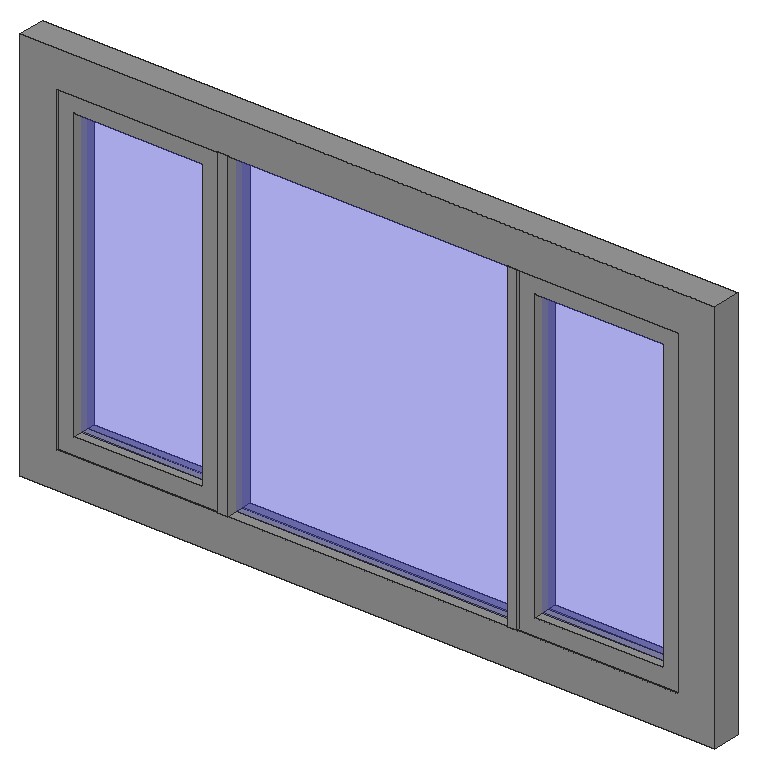
Revit family "Family53", category Windows, host Wall, Revit 2018
Family settings
  Host = Wall
  OmniClass Number = 23.30.20.00
  OmniClass Title = Windows
  Always vertical = Yes
  Cut with Voids When Loaded = No
  Shared = No
  Room Calculation Point = No
Parameters
  Window Thickness = 84 mm
  Window Frame = White
  Visual Light Transmittance = 0.81
  URL = "www.skywardwindows.co.za"
  Thermal Resistance (R) = 0.3196 (m²·K)/W
  Telephone = "021 276 1800"
  Solar Heat Gain Coefficient = 0.76
  Manufacturer = "Skyward Windows"
  Height = 1190 mm
  Heat Transfer Coefficient (U) = 3.1292 W/(m²·K)
  Glass Thickness = 4 mm
  Glass = Glass
  Email Address = "info@skywardwindows.co.za"
  Default Sill Height = 800 mm
  Wall Closure = By host
  Width = 2090 mm
  Company Address = "Charles Matthews Street Atlantis 7349"
  Analytic Construction = "Double glazing - domestic"
Reference planes
  plane 1 "Center (Front/Back)": y = 0
  plane 2 "Center (Left/Right)": x = 0
  plane 3 "Left": x = -1045
  plane 4 "Right": x = 1045
  plane 5 "Sill": z = 800
  plane 6 "Head": z = 1990
  plane 7 "Exterior": y = 100
  plane 8 "Interior": y = -100
Forms (mm)
  Extrusion 1, solid, material "White" <- "Window Frame"
    sketch origin (0, -100, 0) x (1, 0, 0) y (0, 0, 1)
      loop
        line (-1045, 1990) -> (-1045, 800) -> (1045, 800) -> (1045, 1990) -> (-1045, 1990)
      loop
        line (-936, 909) -> (936, 909) -> (936, 1881) -> (-936, 1881) -> (-936, 909)
    from -142 to -58
  Extrusion 2, solid, material "White" <- "Window Frame"
    sketch origin (0, -100, 0) x (1, 0, 0) y (0, 0, 1)
      loop
        line (-936, 1881) -> (-936, 909) -> (-450, 909) -> (-450, 1881) -> (-936, 1881)
      loop
        line (936, 1881) -> (450, 1881) -> (450, 909) -> (936, 909) -> (936, 1881)
      loop
        line (-886, 959) -> (-500, 959) -> (-500, 1831) -> (-886, 1831) -> (-886, 959)
      loop
        line (500, 1831) -> (500, 959) -> (886, 959) -> (886, 1831) -> (500, 1831)
    from -138 to -62
  Extrusion 3, solid, material "White" <- "Window Frame"
    sketch origin (0, -100, 0) x (1, 0, 0) y (0, 0, 1)
      loop
        line (-450, 1881) -> (-450, 909) -> (-420, 909) -> (-420, 1881) -> (-450, 1881)
      loop
        line (450, 1881) -> (420, 1881) -> (420, 909) -> (450, 909) -> (450, 1881)
    from -142 to -58
  Extrusion 4, solid, material "Glass" <- "Glass"
    sketch origin (0, 0, 0) x (1, 0, 0) y (0, 1, 0)
      loop
        line (-886, 14) -> (-886, 10) -> (-500, 10) -> (-500, 14) -> (-886, 14)
      loop
        line (-886, -10) -> (-886, -14) -> (-500, -14) -> (-500, -10) -> (-886, -10)
      loop
        line (500, 14) -> (500, 10) -> (886, 10) -> (886, 14) -> (500, 14)
      loop
        line (886, -10) -> (500, -10) -> (500, -14) -> (886, -14) -> (886, -10)
    from 959 to 1831
  Extrusion 5, solid, material "Glass" <- "Glass"
    sketch origin (0, 0, 0) x (1, 0, 0) y (0, 1, 0)
      loop
        line (-420, 14) -> (-420, 10) -> (420, 10) -> (420, 14) -> (-420, 14)
      loop
        line (420, -10) -> (-420, -10) -> (-420, -14) -> (420, -14) -> (420, -10)
    from 909 to 1881
Lines and regions (mm)
  Opening 1
    outline origin (3500, -100, 0) x (1, 0, 0) y (0, 0, 1)
      loop
        line (-2455, 800) -> (-2455, 1990) -> (-4545, 1990) -> (-4545, 800) -> (-2455, 800)
Text (mm)
  text "EXTERIOR" at (-1963.203, 1332.353, 0), in view "Ref. Level"
  text "INTERIOR" at (-1981.466, -818.386, 0), in view "Ref. Level"
  text "Exterior" at (0, 923.751, 2943.296), in view "Right"
  text "Exterior" at (0, 1040.484, 2685.409), in view "Left"
Dimensions and locks
  equal spacing: plane 3 "Left", plane 2 "Center (Left/Right)", plane 4 "Right"
  "Width": plane 3 "Left" to plane 4 "Right"
  "Height": plane 5 "Sill" to plane 6 "Head"
  "Default Sill Height": plane 5 "Sill" to level
  locked: plane 7 "Exterior" to host wall at 0
  locked: plane 8 "Interior" to host wall
  "Window Thickness": Extrusion 1 to Extrusion 1
  "Glass Thickness": Extrusion 5 to Extrusion 5
  "Glass Thickness": Extrusion 4 to Extrusion 4
  aligned and locked: Extrusion 1 sketch curve to host wall  (x4)
  aligned and locked: Extrusion 5 to Extrusion 1
Automatic sketch dimensions
  Opening 1 sketch curve to plane 3 "Left" = 0 mm
  Opening 1 sketch curve to plane 4 "Right" = 0 mm
  Opening 1 sketch curve to plane 5 "Sill" = 0 mm
  Opening 1 sketch curve to plane 6 "Head" = 0 mm
  Extrusion 1 sketch curve to plane 3 "Left" = 109 mm
  plane 4 "Right" to Extrusion 1 sketch curve = 109 mm
  Extrusion 1 sketch curve to plane 5 "Sill" = 109 mm
  plane 6 "Head" to Extrusion 1 sketch curve = 109 mm
  Extrusion 2 sketch curve to plane 3 "Left" = 109 mm
  Extrusion 2 sketch curve to Extrusion 2 sketch curve = 50 mm  (x8)
  plane 6 "Head" to Extrusion 2 sketch curve = 159 mm
  plane 2 "Center (Left/Right)" to Extrusion 2 sketch curve = 500 mm
  plane 6 "Head" to Extrusion 2 sketch curve = 109 mm
  Extrusion 2 sketch curve to plane 2 "Center (Left/Right)" = 450 mm
  plane 4 "Right" to Extrusion 2 sketch curve = 159 mm
  Extrusion 2 sketch curve to plane 5 "Sill" = 159 mm  (x2)
  Extrusion 3 sketch curve to plane 5 "Sill" = 109 mm  (x2)
  plane 2 "Center (Left/Right)" to Extrusion 3 sketch curve = 450 mm
  Extrusion 3 sketch curve to Extrusion 3 sketch curve = 30 mm  (x2)
  Extrusion 3 sketch curve to plane 2 "Center (Left/Right)" = 420 mm
  plane 6 "Head" to Extrusion 3 sketch curve = 109 mm  (x2)
  Extrusion 4 sketch curve to host wall = 14 mm  (x2)
  Extrusion 4 sketch curve to plane 3 "Left" = 159 mm
  Extrusion 4 sketch curve to Extrusion 4 sketch curve = 0 mm  (x4)
  host wall to Extrusion 4 sketch curve = 10 mm  (x2)
  plane 2 "Center (Left/Right)" to Extrusion 4 sketch curve = 500 mm
  Extrusion 4 sketch curve to plane 2 "Center (Left/Right)" = 500 mm
  plane 4 "Right" to Extrusion 4 sketch curve = 159 mm
  Extrusion 4 sketch curve to Extrusion 4 sketch curve = 4 mm  (x4)
  Extrusion 5 sketch curve to host wall = 14 mm
  plane 2 "Center (Left/Right)" to Extrusion 5 sketch curve = 420 mm
  host wall to Extrusion 5 sketch curve = 10 mm
  Extrusion 5 sketch curve to Extrusion 5 sketch curve = 0 mm  (x2)
  Extrusion 5 sketch curve to plane 2 "Center (Left/Right)" = 420 mm
  Extrusion 5 sketch curve to Extrusion 5 sketch curve = 4 mm  (x2)
